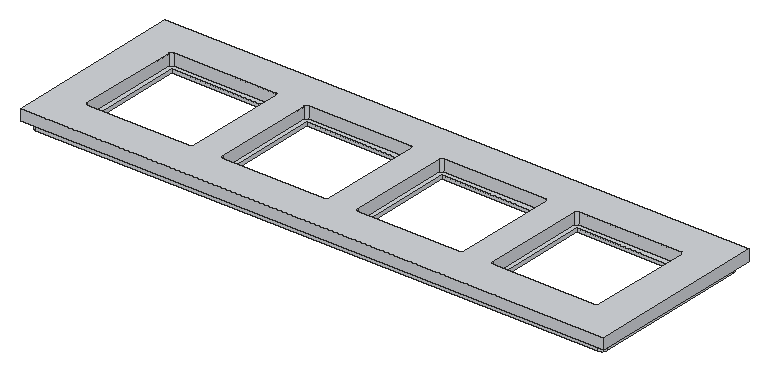
Revit family "Gira_0214221", category Electrical Fixtures, host Face, Revit 2017
Family settings
  Host = Face
  Maintain Annotation Orientation = No
  Round Connector Dimension = Use Diameter
  Part Type = Normal
  Cut with Voids When Loaded = No
  Shared = No
  Room Calculation Point = No
Parameters (values of type "Cov.fr. 4-g Gira Esprit Lin.pwd.lt.brown")
  With mounting grid = "No"
  With hinged lid = "No"
  URL = "http://katalog.gira.de/en/datenblatt.html?artikelnr=0214221"
  Type of fastening = "Clamp mounting"
  Transparent = "No"
  Surface protection = "Other"
  Suitable for wall duct = "No"
  Suitable for flush-mounted installation = "Yes"
  Suitable for floor box = "No"
  Suitable for built-in installation = "No"
  Number of units vertical = "4"
  Number of units horizontal = "4"
  Number of units = "4"
  Name = "Cov.fr. 4-g Gira Esprit Lin.pwd.lt.brown"
  Mounting direction = "Horizontal and vertical"
  Material quality = "Other"
  Material = "Other"
  Manufacturer URL = "https://www.gira.de/"
  Manufacturer = "Gira"
  Label space/information surface = "No"
  Keynote = ""
  HeinzeBIM = "https://bimportal.heinze.de/bim/cov-fr-4-g-gira-esprit-lin-pwd-lt-brown/0556819cd31a6865874d2d6edfaa790087070182"
  Halogen free = "No"
  HAN = "0214221"
  GTIN = "4010337016038"
  Description = "Cov.fr.4g Espr. LPwLb,Gira Esprit cover frame,linoleum-plywood light brown,4-gang,Notes :,- Natural product. Colour deviations are possible.,- NCS value: approx. NCS S 6010-Y30R"
  Degree of protection (IP) = "IP20"
  Default Elevation = 1219.2 mm
  Data sheet (1) = "https://katalog.gira.de/en/download.html?artikelnr=0214221"
  Colour = "Other"
  Category = "Cover frame for domestic switching devices"
  BIM (1) = "https://media.stage.bim.site/public/gira/36a6b08/Espr._Rahmen_4fach.rfa"
  Available = "No"
Reference planes
  plane 1 "Center (Front/Back)": y = 0
  plane 2: z = 0
  plane 3 "Center (Left/Right)": x = 0
Forms (mm)
  Extrusion 1, solid, detail levels fine
    sketch origin (0, 0, 0) x (1, 0, 0) y (0, 1, 0)
      loop
        line (-154, 47.5) -> (-154, -47.5) -> (154, -47.5) -> (154, 47.5) -> (-154, 47.5)
      loop
        arc (-135.25, -26.8) -> (-134.811, -27.861) -> (-133.75, -28.3) r 1.5
        line (-133.75, -28.3) -> (-80.15, -28.3)
        arc (-80.15, -28.3) -> (-79.089, -27.861) -> (-78.65, -26.8) r 1.5
        line (-78.65, -26.8) -> (-78.65, 26.8)
        arc (-78.65, 26.8) -> (-79.089, 27.861) -> (-80.15, 28.3) r 1.5
        line (-80.15, 28.3) -> (-133.75, 28.3)
        arc (-133.75, 28.3) -> (-134.811, 27.861) -> (-135.25, 26.8) r 1.5
        line (-135.25, 26.8) -> (-135.25, -26.8)
      loop
        arc (-63.95, -26.8) -> (-63.511, -27.861) -> (-62.45, -28.3) r 1.5
        line (-62.45, -28.3) -> (-8.85, -28.3)
        arc (-8.85, -28.3) -> (-7.789, -27.861) -> (-7.35, -26.8) r 1.5
        line (-7.35, -26.8) -> (-7.35, 26.8)
        arc (-7.35, 26.8) -> (-7.789, 27.861) -> (-8.85, 28.3) r 1.5
        line (-8.85, 28.3) -> (-62.45, 28.3)
        arc (-62.45, 28.3) -> (-63.511, 27.861) -> (-63.95, 26.8) r 1.5
        line (-63.95, 26.8) -> (-63.95, -26.8)
      loop
        arc (7.35, -26.8) -> (7.789, -27.861) -> (8.85, -28.3) r 1.5
        line (8.85, -28.3) -> (62.45, -28.3)
        arc (62.45, -28.3) -> (63.511, -27.861) -> (63.95, -26.8) r 1.5
        line (63.95, -26.8) -> (63.95, 26.8)
        arc (63.95, 26.8) -> (63.511, 27.861) -> (62.45, 28.3) r 1.5
        line (62.45, 28.3) -> (8.85, 28.3)
        arc (8.85, 28.3) -> (7.789, 27.861) -> (7.35, 26.8) r 1.5
        line (7.35, 26.8) -> (7.35, -26.8)
      loop
        arc (78.65, -26.8) -> (79.089, -27.861) -> (80.15, -28.3) r 1.5
        line (80.15, -28.3) -> (133.75, -28.3)
        arc (133.75, -28.3) -> (134.811, -27.861) -> (135.25, -26.8) r 1.5
        line (135.25, -26.8) -> (135.25, 26.8)
        arc (135.25, 26.8) -> (134.811, 27.861) -> (133.75, 28.3) r 1.5
        line (133.75, 28.3) -> (80.15, 28.3)
        arc (80.15, 28.3) -> (79.089, 27.861) -> (78.65, 26.8) r 1.5
        line (78.65, 26.8) -> (78.65, -26.8)
    from 0 to 6
  Extrusion 2, solid, detail levels fine
    sketch origin (0, 0, 0) x (1, 0, 0) y (0, 1, 0)
      loop
        line (-132.85, -25.7) -> (-81.05, -25.7) -> (-81.05, 25.7) -> (-132.85, 25.7) -> (-132.85, -25.7)
      loop
        line (61.55, 25.7) -> (9.75, 25.7) -> (9.75, -25.7) -> (61.55, -25.7) -> (61.55, 25.7)
      loop
        arc (-149.85, -41.4) -> (-149.323, -42.673) -> (-148.05, -43.2) r 1.8
        line (-148.05, -43.2) -> (148.05, -43.2)
        arc (148.05, -43.2) -> (149.323, -42.673) -> (149.85, -41.4) r 1.8
        line (149.85, -41.4) -> (149.85, 41.4)
        arc (149.85, 41.4) -> (149.323, 42.673) -> (148.05, 43.2) r 1.8
        line (148.05, 43.2) -> (-148.05, 43.2)
        arc (-148.05, 43.2) -> (-149.323, 42.673) -> (-149.85, 41.4) r 1.8
        line (-149.85, 41.4) -> (-149.85, -41.4)
      loop
        line (-9.75, 25.7) -> (-61.55, 25.7) -> (-61.55, -25.7) -> (-9.75, -25.7) -> (-9.75, 25.7)
      loop
        line (132.85, 25.7) -> (81.05, 25.7) -> (81.05, -25.7) -> (132.85, -25.7) -> (132.85, 25.7)
    from -1.9 to 0
  Extrusion 3, solid, detail levels fine
    sketch origin (0, 0, 0) x (1, 0, 0) y (0, 1, 0)
      loop
        arc (-148.05, 44.4) -> (-150.171, 43.521) -> (-151.05, 41.4) r 3
        line (-151.05, 41.4) -> (-151.05, -41.4)
        arc (-151.05, -41.4) -> (-150.171, -43.521) -> (-148.05, -44.4) r 3
        line (-148.05, -44.4) -> (148.05, -44.4)
        arc (148.05, -44.4) -> (150.171, -43.521) -> (151.05, -41.4) r 3
        line (151.05, -41.4) -> (151.05, 41.4)
        arc (151.05, 41.4) -> (150.171, 43.521) -> (148.05, 44.4) r 3
        line (148.05, 44.4) -> (-148.05, 44.4)
      loop
        arc (-149.85, -41.4) -> (-149.323, -42.673) -> (-148.05, -43.2) r 1.8
        line (-148.05, -43.2) -> (148.05, -43.2)
        arc (148.05, -43.2) -> (149.323, -42.673) -> (149.85, -41.4) r 1.8
        line (149.85, -41.4) -> (149.85, 41.4)
        arc (149.85, 41.4) -> (149.323, 42.673) -> (148.05, 43.2) r 1.8
        line (148.05, 43.2) -> (-148.05, 43.2)
        arc (-148.05, 43.2) -> (-149.323, 42.673) -> (-149.85, 41.4) r 1.8
        line (-149.85, 41.4) -> (-149.85, -41.4)
    from -3.7 to 0
  Extrusion 4, solid, detail levels medium
    sketch origin (0, 0, 0) x (1, 0, 0) y (0, 1, 0)
      loop
        line (-154, 47.5) -> (-154, -47.5) -> (154, -47.5) -> (154, 47.5) -> (-154, 47.5)
    from 0 to 6
  Extrusion 5, solid, detail levels medium
    sketch origin (0, 0, 0) x (1, 0, 0) y (0, 1, 0)
      loop
        line (-154, 44.4) -> (-154, -44.4) -> (154, -44.4) -> (154, 44.4) -> (-154, 44.4)
    from -3.7 to 0
  Extrusion 6, solid, detail levels coarse
    sketch origin (0, 0, 0) x (1, 0, 0) y (0, 1, 0)
      loop
        line (-154, 47.5) -> (-154, -47.5) -> (154, -47.5) -> (154, 47.5) -> (-154, 47.5)
    from -3.7 to 6
Dimensions and locks
  aligned and locked: plane 2 to host face
  aligned and locked: level to host face
